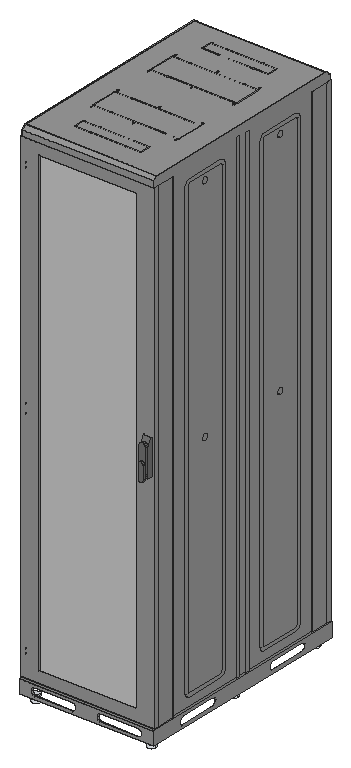
Revit family "600х1000", category Обобщенные модели, Revit 2019 (continued)
Definition of nested family "Дверь двустворчатая"
  Dimensions and locks
    aligned and locked: plane 29 to Extrusion 1 sketch curve
    aligned and locked: plane 31 to Extrusion 1 sketch curve  (x2)
    aligned and locked: Extrusion 3 to Extrusion 1 sketch curve
    aligned and locked: plane 28 to Extrusion 1 sketch curve
    aligned and locked: plane 30 to Extrusion 3 sketch curve
    aligned and locked: plane 31 to Extrusion 3 sketch curve  (x2)
    aligned and locked: plane 29 to Extrusion 3 sketch curve
    aligned and locked: plane 28 to nested 1
    aligned and locked: plane 21 to Extrusion 1 sketch curve  (x6)
  Automatic sketch dimensions
    Extrusion 3 sketch curve to plane 28 = 0 mm
    Extrusion 3 sketch curve to plane 30 = 23 mm
    plane 29 to Extrusion 3 sketch curve = 23 mm
    Extrusion 1 sketch curve to plane 27 = 0 mm
    Extrusion 1 sketch curve to plane 25 = 0 mm
    Extrusion 1 sketch curve to plane 26 = 0 mm
    Extrusion 1 sketch curve to plane 30 = 23 mm
    plane 29 to Extrusion 1 sketch curve = 23 mm
    Extrusion 2 sketch curve to plane 18 = 0 mm
    Extrusion 2 sketch curve to plane 19 = 0 mm
    radius of Extrusion 1 sketch curve = 2.474 mm  (x12)
  Nested families
    nested 1: "Ручка" at (52, -20, 240), Материал Общий <- "Материал ручки", type "Ручка"
      with Материал Общий none
  Definition of nested family "Ручка"
    Parameters (values of type "Ручка")
      Материал Общий [instance] = none
    Reference planes
      plane 1 "ТТТТ": y = 0
      plane 2: z = 0
      plane 3 "По центру (Влево/Вправо)": x = 0
      plane 4: y = -20
      plane 5: y = -30
      plane 6: y = -38
      plane 7: z = 300
      plane 8: z = 660
    Forms (mm)
      Blend 1, solid, material <- "Материал Общий"
        base sketch origin (0, 0, 0) x (1, 0, 0) y (0, 0, 1)
          loop
            line (-17, 740) -> (-17, 580) -> (17, 580) -> (17, 740) -> (-17, 740)
        top sketch origin (0, 0, 0) x (1, 0, 0) y (0, 0, 1)
          loop
            line (-17, 580) -> (17, 580) -> (17, 712) -> (-17, 712) -> (-17, 580)
        from 0 to 20
      Extrusion 2, solid, material <- "Материал Общий"
        sketch origin (0, 0, 0) x (1, 0, 0) y (0, 0, 1)
          loop
            arc (0, 725) -> (-10.607, 720.607) -> (-15, 710) r 15
            line (-15, 710) -> (-15, 600)
            arc (-15, 600) -> (-10.607, 589.393) -> (0, 585) r 15
            arc (0, 585) -> (10.607, 589.393) -> (15, 600) r 15
            line (15, 600) -> (15, 710)
            arc (15, 710) -> (10.607, 720.607) -> (0, 725) r 15
        from 20 to 30
      Extrusion 3, solid, material <- "Материал Общий"
        sketch origin (0, 0, 0) x (1, 0, 0) y (0, 0, 1)
          loop
            line (-12, 638) -> (-12, 582)
            arc (-12, 582) -> (-8.485, 573.515) -> (0, 570) r 12
            arc (0, 570) -> (8.485, 573.515) -> (12, 582) r 12
            line (12, 582) -> (12, 638)
            arc (12, 638) -> (8.485, 646.485) -> (0, 650) r 12
            arc (0, 650) -> (-8.485, 646.485) -> (-12, 638) r 12
        from 30 to 38
    Cuts and joins
      joined: Blend 1, Extrusion 2, Extrusion 3
    Lines and regions (mm)
      model lines
        curve 1: line (-17, 0, 660) -> (17, 0, 660)
        curve 2: line (0, 0, 740) -> (0, 0, 580)
    Dimensions and locks
      locked: plane 4 to plane 1 "ТТТТ" at 20
      locked: plane 5 to plane 4 at 10
      locked: plane 6 to plane 5 at 8
      locked: plane 7 to plane 2 at 300
      aligned and locked: level to plane 2
      aligned and locked: plane 4 to Blend 1
      aligned and locked: Blend 1 to plane 1 "ТТТТ"
      aligned and locked: Extrusion 2 to plane 4
      aligned and locked: plane 5 to Extrusion 2
      aligned and locked: Extrusion 3 to plane 5
      aligned and locked: plane 6 to Extrusion 3
Definition of nested family "ЭУ_ДВЕРЬ"
  Parameters (values of type "ЭУ_ДВЕРЬ")
    Глубина_Р [instance] = ADSK_Размер_Ширина / 5  # 160 mm
    ADSK_Размер_Ширина [instance] = 800 mm
    ADSK_Размер_Высота [instance] = 972 mm
  Reference planes
    plane 1 "По центру (Вперед/Назад)": y = 0
    plane 2: z = 0
    plane 3 "По центру (Влево/Вправо)": x = 0
    plane 4: x = 400
    plane 5: x = -400
    plane 6: y = -486
    plane 7: y = 486
    plane 8: y = 446
    plane 9: y = -426
    plane 10: x = 300
    plane 11: x = -300
    plane 12: y = 366
    plane 13: y = -346
    plane 14: x = 350
    plane 15: y = -441
    plane 16: y = -471
    plane 17: x = -140
    plane 18: x = 140
  Lines and regions (mm)
    detail lines, in view "Опорный уровень"
      curve 1: line (-400, 486, 0) -> (400, 486, 0)
      curve 2: line (-400, -486, 0) -> (-400, 486, 0)
      curve 3: line (400, -486, 0) -> (-400, -486, 0)
      curve 4: line (400, 486, 0) -> (400, -486, 0)
      curve 5: line (-400, -426, 0) -> (400, -426, 0)
      curve 6: line (400, 446, 0) -> (-400, 446, 0)
      curve 7: line (-300, 366, 0) -> (300, 366, 0)
      curve 8: line (-300, -346, 0) -> (-300, 366, 0)
      curve 9: line (300, -346, 0) -> (-300, -346, 0)
      curve 10: line (300, 366, 0) -> (300, -346, 0)
      curve 11: circle (350, 0, 0) r 30 normal (0, 0, 1)
      curve 12: line (-300, -441, 0) -> (-140, -441, 0)
      curve 13: line (-140, -471, 0) -> (-300, -471, 0)
      curve 14: line (140, -441, 0) -> (300, -441, 0)
      curve 15: line (300, -471, 0) -> (140, -471, 0)
      curve 16: arc (-300, -441, 0) -> (-315, -456, 0) -> (-300, -471, 0) r 15
      curve 17: arc (-140, -441, 0) -> (-125, -456, 0) -> (-140, -471, 0) r 15
      curve 18: arc (140, -441, 0) -> (125, -456, 0) -> (140, -471, 0) r 15
      curve 19: arc (300, -441, 0) -> (315, -456, 0) -> (300, -471, 0) r 15
  Dimensions and locks
    equal spacing: plane 6, plane 1 "По центру (Вперед/Назад)", plane 7
    "ADSK_Размер_Высота": plane 7 to plane 6
    equal spacing: plane 5, plane 3 "По центру (Влево/Вправо)", plane 4
    "ADSK_Размер_Ширина": plane 5 to plane 4
    locked: plane 6 to plane 9 at 60
    locked: plane 7 to plane 8 at 40
    locked: plane 8 to plane 12 at 80
    locked: plane 9 to plane 13 at 80
    locked: plane 5 to plane 11 at 100
    locked: plane 10 to plane 4 at 100
    equal spacing: plane 10, plane 14, plane 4
    locked: plane 15 to plane 9 at 15
    locked: plane 6 to plane 16 at 15
    "Глубина_Р": plane 11 to plane 17
    "Глубина_Р": plane 18 to plane 10
    aligned and locked: curve 1 to plane 7
    aligned and locked: plane 5 to curve 2
    aligned and locked: curve 3 to plane 6
    aligned and locked: curve 4 to plane 4
    aligned and locked: plane 8 to curve 6
    aligned and locked: plane 9 to curve 5
    aligned and locked: curve 7 to plane 12
    aligned and locked: plane 11 to curve 8
    aligned and locked: curve 9 to plane 13
    aligned and locked: curve 10 to plane 10
    aligned and locked: plane 15 to curve 12
    aligned and locked: plane 15 to curve 14
    aligned and locked: curve 15 to plane 16
    aligned and locked: curve 13 to plane 16
  Automatic sketch dimensions
    curve 13 to plane 11 = 0 mm
    curve 17 to plane 17 = 0 mm
    curve 18 to plane 18 = 0 mm
    curve 14 to plane 10 = 0 mm
    plane 1 "По центру (Вперед/Назад)" to curve 11 = 0 mm
    curve 11 to plane 14 = 0 mm
    radius of curve 11 = 30 mm
Definition of nested family "ЭУ_БОК"
  Parameters (values of type "ЭУ_БОК")
    Глубина_Р [instance] = ADSK_Размер_Глубина / 6  # 166.667 mm
    ADSK_Размер_Глубина [instance] = 1000 mm
    ADSK_Размер_Высота [instance] = 1500 mm
  Reference planes
    plane 1 "По центру (Вперед/Назад)": y = 0
    plane 2: z = 0
    plane 3 "По центру (Влево/Вправо)": x = 0
    plane 4: x = 500
    plane 5: x = -500
    plane 6: y = -750
    plane 7: y = 750
    plane 8: y = 710
    plane 9: y = -690
    plane 10: x = 450
    plane 11: x = 395
    plane 12: y = 640
    plane 13: y = -620
    plane 14: y = 580
    plane 15: y = -560
    plane 16 "По центру (В/О": y = -20
    plane 17 "По центру (В/П": y = 0
    plane 18 "По центру (В/Р": y = 20
    plane 19: x = 475
    plane 20: y = -704
    plane 21: y = -736
    plane 22: x = -228.333
    plane 23: x = 228.333
    plane 24: x = 420
    plane 25: x = -450
    plane 26: x = -395
    plane 27: x = -475
    plane 28: x = -420
  Lines and regions (mm)
    detail lines, in view "Опорный уровень"
      curve 1: line (-500, 750, 0) -> (500, 750, 0)
      curve 2: line (500, 750, 0) -> (500, -750, 0)
      curve 3: line (500, -750, 0) -> (-500, -750, 0)
      curve 4: line (-500, -750, 0) -> (-500, 750, 0)
      curve 5: line (-500, -690, 0) -> (500, -690, 0)
      curve 6: line (-395, 710, 0) -> (-395, -690, 0)
      curve 7: line (395, 710, 0) -> (395, -690, 0)
      curve 8: line (500, 710, 0) -> (-500, 710, 0)
      curve 9: line (475, -690, 0) -> (475, 710, 0)
      curve 10: line (-228.333, -736, 0) -> (-420, -736, 0)
      curve 11: line (-420, -704, 0) -> (-228.333, -704, 0)
      curve 12: arc (-420, -736, 0) -> (-436, -720, 0) -> (-420, -704, 0) r 16
      curve 13: arc (-228.333, -704, 0) -> (-212.333, -720, 0) -> (-228.333, -736, 0) r 16
      curve 14: line (228.333, -704, 0) -> (395, -704, 0)
      curve 15: line (395, -736, 0) -> (228.333, -736, 0)
      curve 16: arc (228.333, -704, 0) -> (212.333, -720, 0) -> (228.333, -736, 0) r 16
      curve 17: arc (395, -704, 0) -> (411, -720, 0) -> (395, -736, 0) r 16
      curve 18: line (-475, -690, 0) -> (-475, 710, 0)
  Dimensions and locks
    equal spacing: plane 6, plane 1 "По центру (Вперед/Назад)", plane 7
    "ADSK_Размер_Высота": plane 7 to plane 6
    equal spacing: plane 5, plane 3 "По центру (Влево/Вправо)", plane 4
    "ADSK_Размер_Глубина": plane 5 to plane 4
    locked: plane 7 to plane 8 at 40
    locked: plane 6 to plane 9 at 60
    locked: plane 10 to plane 4 at 50
    locked: plane 11 to plane 10 at 55
    locked: plane 9 to plane 13 at 70
    locked: plane 8 to plane 12 at 70
    locked: plane 12 to plane 14 at 60
    locked: plane 13 to plane 15 at 60
    plane 18 "По центру (В/Р" to plane 17 "По центру (В/П" to plane 16 "По центру (В/О" = 20 mm locked, 20 mm locked
    locked: plane 19 to plane 4 at 25
    locked: plane 24 to plane 4 at 80
    "Глубина_Р": plane 23 to plane 11
    locked: plane 20 to plane 9 at 14
    locked: plane 6 to plane 21 at 14
    locked: plane 26 to plane 25 at 55
    locked: plane 5 to plane 25 at 50
    "Глубина_Р": plane 26 to plane 22
    locked: plane 5 to plane 27 at 25
    locked: plane 5 to plane 28 at 80
    aligned and locked: plane 5 to curve 4
    aligned and locked: curve 3 to plane 6
    aligned and locked: curve 2 to plane 4
    aligned and locked: curve 1 to plane 7
    aligned and locked: plane 9 to curve 5
    aligned and locked: curve 7 to plane 11
    aligned and locked: plane 8 to curve 8
    aligned and locked: plane 19 to curve 9
    aligned and locked: plane 20 to curve 11
    aligned and locked: curve 10 to plane 21
    aligned and locked: plane 20 to curve 14
    aligned and locked: curve 15 to plane 21
    aligned and locked: plane 26 to curve 6
    aligned and locked: curve 18 to plane 27
  Automatic sketch dimensions
    curve 12 to plane 28 = 0 mm
    curve 13 to plane 22 = 0 mm
    curve 16 to plane 23 = 0 mm
    curve 17 to plane 11 = 0 mm
Definition of nested family "ЭУ_ВВЕРХ"
  Parameters (values of type "ЭУ_ВВЕРХ")
    ADSK_Размер_Ширина [instance] = 600 mm
    ADSK_Размер_Глубина [instance] = 800 mm
  Reference planes
    plane 1 "По центру (Вперед/Назад)": y = 0
    plane 2: z = 0
    plane 3 "По центру (Влево/Вправо)": x = 0
    plane 4: x = 300
    plane 5: x = -300
    plane 6: y = -400
    plane 7: y = 400
    plane 8: y = 350
    plane 9: y = -350
    plane 10: x = -250
    plane 11: x = 250
    plane 12: x = 210
    plane 13: x = -210
    plane 14: y = 280
    plane 15: y = -280
    plane 16: y = 220
    plane 17: y = -220
    plane 18 "По центру (В/О": y = -100
    plane 19 "По центру (В/П": y = 0
    plane 20 "По центру (В/Р": y = 100
  Lines and regions (mm)
    detail lines, in view "Опорный уровень"
      curve 1: line (-300, 400, 0) -> (300, 400, 0)
      curve 2: line (300, 400, 0) -> (300, -400, 0)
      curve 3: line (300, -400, 0) -> (-300, -400, 0)
      curve 4: line (-300, -400, 0) -> (-300, 400, 0)
      curve 5: line (-210, 350, 0) -> (210, 350, 0)
      curve 6: line (-210, 280, 0) -> (-210, 350, 0)
      curve 7: line (210, 280, 0) -> (-210, 280, 0)
      curve 8: line (210, 350, 0) -> (210, 280, 0)
      curve 9: line (-210, -280, 0) -> (210, -280, 0)
      curve 10: line (-210, -350, 0) -> (-210, -280, 0)
      curve 11: line (210, -350, 0) -> (-210, -350, 0)
      curve 12: line (210, -280, 0) -> (210, -350, 0)
      curve 13: line (-250, -100, 0) -> (250, -100, 0)
      curve 14: line (-250, -220, 0) -> (-250, -100, 0)
      curve 15: line (250, -220, 0) -> (-250, -220, 0)
      curve 16: line (250, -100, 0) -> (250, -220, 0)
      curve 17: line (-250, 220, 0) -> (250, 220, 0)
      curve 18: line (-250, 100, 0) -> (-250, 220, 0)
      curve 19: line (250, 100, 0) -> (-250, 100, 0)
      curve 20: line (250, 220, 0) -> (250, 100, 0)
  Dimensions and locks
    equal spacing: plane 6, plane 1 "По центру (Вперед/Назад)", plane 7
    "ADSK_Размер_Глубина": plane 7 to plane 6
    equal spacing: plane 5, plane 3 "По центру (Влево/Вправо)", plane 4
    "ADSK_Размер_Ширина": plane 5 to plane 4
    locked: plane 7 to plane 8 at 50
    locked: plane 6 to plane 9 at 50
    locked: plane 5 to plane 10 at 50
    locked: plane 11 to plane 4 at 50
    locked: plane 10 to plane 13 at 40
    locked: plane 12 to plane 11 at 40
    locked: plane 9 to plane 15 at 70
    locked: plane 8 to plane 14 at 70
    locked: plane 14 to plane 16 at 60
    locked: plane 15 to plane 17 at 60
    plane 20 "По центру (В/Р" to plane 19 "По центру (В/П" to plane 18 "По центру (В/О" = 100 mm locked, 100 mm locked
    aligned and locked: plane 5 to curve 4
    aligned and locked: curve 3 to plane 6
    aligned and locked: curve 2 to plane 4
    aligned and locked: curve 1 to plane 7
    aligned and locked: curve 5 to plane 8
    aligned and locked: plane 13 to curve 6
    aligned and locked: plane 14 to curve 7
    aligned and locked: curve 8 to plane 12
    aligned and locked: plane 15 to curve 9
    aligned and locked: plane 13 to curve 10
    aligned and locked: curve 11 to plane 9
    aligned and locked: curve 12 to plane 12
    aligned and locked: plane 18 "По центру (В/О" to curve 13
    aligned and locked: plane 10 to curve 14
    aligned and locked: curve 15 to plane 17
    aligned and locked: curve 16 to plane 11
    aligned and locked: curve 17 to plane 16
    aligned and locked: plane 20 "По центру (В/Р" to curve 19
    aligned and locked: plane 10 to curve 18
    aligned and locked: curve 20 to plane 11
Types (12, lengths in mm): name | Описание | Не двустворчатая дверь | Материал крепежей | Материал колес и ручек | Материал каркаса | Двустворчатая дверь | Высота окна | ADSK_Размер_Высота | ADSK_Наименование краткое | ADSK_Наименование | ADSK_Масса_Текст | ADSK_Марка | ADSK_Код изделия | ADSK_URL страницы изделия
  ШТ-НП-С-33U-600-1000-ПП-Ч | "Шкаф телекоммуникационный напольный серверный черный 19&quot;.33U(600x1000) . ШТ-НП-С-33U-600-1000-ПП-Ч передняя.задняя двери перфорированные ССД" | yes | Металл черный | Металл белый | Металл черный | no | 1558 | 1667 | "ШТ-НП-С-33U-600-1000-ПП-Ч" | "Шкаф телекоммуникационный напольный серверный черный 19&quot;.33U(600x1000) . ШТ-НП-С-33U-600-1000-ПП-Ч передняя.задняя двери перфорированные ССД" | "91.0" | "ШТ-НП-С-33U-600-1000-ПП-Ч" | "130411-01422" | "https://www.ssd.ru/shkaf-telekommunikatsionnyy-napolnyy-servernyy-chernyy-19-quot-33u-600x1000-sht-np-s-33u-600-1000-pp"
  ШТ-НП-С-33U-600-1000-П2П-Ч | "Шкаф телекоммуникационный напольный серверный черный 19&quot;.33U(600x1000) . ШТ-НП-С-33U-600-1000-П2П-Ч передняя перфорированная.задняя перф.двойная ССД" | no | Металл черный | Металл белый | Металл черный | yes | 1958 | 2067 | "ШТ-НП-С-33U-600-1000-П2П-Ч" | "Шкаф телекоммуникационный напольный серверный черный 19&quot;.33U(600x1000) . ШТ-НП-С-33U-600-1000-П2П-Ч передняя перфорированная.задняя перф.двойная ССД" | "91.0" | "ШТ-НП-С-33U-600-1000-П2П-Ч" | "130411-01423" | "https://www.ssd.ru/shkaf-telekommunikatsionnyy-napolnyy-servernyy-chernyy-19-quot-33u-600x1000-sht-np-s-33u-600-1000-p2"
  ШТ-НП-С-42U-600-1000-ПП-Ч | "Шкаф телекоммуникационный напольный серверный черный 19&quot;.42U(600x1000) . ШТ-НП-С-42U-600-1000-ПП-Ч передняя.задняя двери перфорированные ССД" | yes | Металл черный | Металл белый | Металл черный | no | 1958 | 2067 | "ШТ-НП-С-42U-600-1000-ПП-Ч" | "Шкаф телекоммуникационный напольный серверный черный 19&quot;.42U(600x1000) . ШТ-НП-С-42U-600-1000-ПП-Ч передняя.задняя двери перфорированные ССД" | "92.0" | "ШТ-НП-С-42U-600-1000-ПП-Ч" | "130411-01424" | "https://www.ssd.ru/shkaf-telekommunikatsionnyy-napolnyy-servernyy-chernyy-19-quot-42u-600x1000-sht-np-s-42u-600-1000-pp"
  ШТ-НП-С-42U-600-1000-П2П-Ч | "Шкаф телекоммуникационный напольный серверный 19&quot;.42U(600x1000) . ШТ-НП-С-42U-600-1000-П2П-Ч передняя дверь перфорипрованная.задняя перф.двойная черн." | no | Металл черный | Металл белый | Металл черный | yes | 1958 | 2067 | "ШТ-НП-С-42U-600-1000-П2П-Ч" | "Шкаф телекоммуникационный напольный серверный 19&quot;.42U(600x1000) . ШТ-НП-С-42U-600-1000-П2П-Ч передняя дверь перфорипрованная.задняя перф.двойная черн." | "92.0" | "ШТ-НП-С-42U-600-1000-П2П-Ч" | "130411-01263" | "https://www.ssd.ru/shkaf-telekommunikatsionnyy-napolnyy-servernyy-19-quot-42u-600x1000-sht-np-s-42u-600-1000-p2p-ch-per"
  ШТ-НП-С-47U-600-1000-ПП-Ч | "Шкаф телекоммуникационный напольный серверный черный 19&quot;.47U(600x1000) . ШТ-НП-С-47U-600-1000-ПП-Ч передняя.задняя двери перфорированные ССД" | yes | Металл черный | Металл белый | Металл черный | no | 2180 | 2289 | "ШТ-НП-С-47U-600-1000-ПП-Ч" | "Шкаф телекоммуникационный напольный серверный черный 19&quot;.47U(600x1000) . ШТ-НП-С-47U-600-1000-ПП-Ч передняя.задняя двери перфорированные ССД" | "110.0" | "ШТ-НП-С-47U-600-1000-ПП-Ч" | "130411-01425" | "https://www.ssd.ru/shkaf-telekommunikatsionnyy-napolnyy-servernyy-chernyy-19-quot-47u-600x1000-sht-np-s-47u-600-1000-pp"
  ШТ-НП-С-47U-600-1000-П2П-Ч | "Шкаф телекоммуникационный напольный серверны черный 19&quot;.47U(600x1000) . ШТ-НП-С-47U-600-1000-П2П-Ч передняя перфорипрованная.задняя перф.двойная ССД" | no | Металл | Металл черный | Металл | yes | 2180 | 2289 | "ШТ-НП-С-47U-600-1000-П2П-Ч" | "Шкаф телекоммуникационный напольный серверны черный 19&quot;.47U(600x1000) . ШТ-НП-С-47U-600-1000-П2П-Ч передняя перфорипрованная.задняя перф.двойная ССД" | "110.0" | "ШТ-НП-С-47U-600-1000-П2П-Ч" | "130411-01426" | "https://www.ssd.ru/shkaf-telekommunikatsionnyy-napolnyy-serverny-chernyy-19-quot-47u-600x1000-sht-np-s-47u-600-1000-p2p"
  ШТ-НП-С-33U-600-1000-ПП | "Шкаф телекоммуникационный напольный серверный 19&quot;.33U(600x1000) . ШТ-НП-С-33U-600-1000-ПП передняя.задняя двери перфорированные ССД" | yes | Металл | Металл черный | Металл | no | 1558 | 1667 | "ШТ-НП-С-33U-600-1000-ПП" | "Шкаф телекоммуникационный напольный серверный 19&quot;.33U(600x1000) . ШТ-НП-С-33U-600-1000-ПП передняя.задняя двери перфорированные ССД" | "91.0" | "ШТ-НП-С-33U-600-1000-ПП" | "130411-00921" | "https://www.ssd.ru/shkaf-telekommunikatsionnyy-napolnyy-servernyy-19-quot-33u-600x1000-sht-np-s-33u-600-1000-pp-perednya"
  ШТ-НП-С-33U-600-1000-П2П | "Шкаф телекоммуникационный напольный серверный 19&quot;.33U(600x1000) . ШТ-НП-С-33U-600-1000-П2П передняя дверь перфорированная.задняя перф.двойная. ССД" | no | Металл | Металл черный | Металл | yes | 1558 | 1667 | "ШТ-НП-С-33U-600-1000-П2П" | "Шкаф телекоммуникационный напольный серверный 19&quot;.33U(600x1000) . ШТ-НП-С-33U-600-1000-П2П передняя дверь перфорированная.задняя перф.двойная. ССД" | "91.0" | "ШТ-НП-С-33U-600-1000-П2П" | "130411-00922" | "https://www.ssd.ru/shkaf-telekommunikatsionnyy-napolnyy-servernyy-19-quot-33u-600x1000-sht-np-s-33u-600-1000-p2p-peredn"
  ШТ-НП-С-42U-600-1000-ПП | "Шкаф телекоммуникационный напольный серверный 19&quot;.42U(600x1000) . ШТ-НП-С-42U-600-1000-ПП передняя.задняя двери перфорированные ССД" | yes | Металл черный | Металл белый | Металл черный | no | 1958 | 2067 | "ШТ-НП-С-42U-600-1000-ПП" | "Шкаф телекоммуникационный напольный серверный 19&quot;.42U(600x1000) . ШТ-НП-С-42U-600-1000-ПП передняя.задняя двери перфорированные ССД" | "92.0" | "ШТ-НП-С-42U-600-1000-ПП" | "130411-00923" | "https://www.ssd.ru/shkaf-telekommunikatsionnyy-napolnyy-servernyy-19-quot-42u-600x1000-sht-np-s-42u-600-1000-pp-perednya"
  ШТ-НП-С-42U-600-1000-П2П | "Шкаф телекоммуникационный напольный серверный 19&quot;.42U(600x1000) . ШТ-НП-С-42U-600-1000-П2П передняя дверь перфорипрованная.задняя перф.двойная. ССД" | no | Металл | Металл черный | Металл | yes | 1958 | 2067 | "ШТ-НП-С-42U-600-1000-П2П" | "Шкаф телекоммуникационный напольный серверный 19&quot;.42U(600x1000) . ШТ-НП-С-42U-600-1000-П2П передняя дверь перфорипрованная.задняя перф.двойная. ССД" | "92.0" | "ШТ-НП-С-42U-600-1000-П2П" | "130411-00924" | "https://www.ssd.ru/shkaf-telekommunikatsionnyy-napolnyy-servernyy-19-quot-42u-600x1000-sht-np-s-42u-600-1000-p2p-peredn"
  ШТ-НП-С-47U-600-1000-ПП | "Шкаф телекоммуникационный напольный серверный 19&quot;.47U(600x1000) . ШТ-НП-С-47U-600-1000-ПП передняя.задняя двери перфорированные ССД" | yes | Металл | Металл черный | Металл | no | 2180 | 2289 | "ШТ-НП-С-47U-600-1000-ПП" | "Шкаф телекоммуникационный напольный серверный 19&quot;.47U(600x1000) . ШТ-НП-С-47U-600-1000-ПП передняя.задняя двери перфорированные ССД" | "110.0" | "ШТ-НП-С-47U-600-1000-ПП" | "130411-00925" | "https://www.ssd.ru/shkaf-telekommunikatsionnyy-napolnyy-servernyy-19-quot-47u-600x1000-sht-np-s-47u-600-1000-pp-perednya"
  ШТ-НП-С-47U-600-1000-П2П | "Шкаф телекоммуникационный напольный серверный 19&quot;.47U(600x1000) . ШТ-НП-С-47U-600-1000-П2П передняя дверь перфорипрованная.задняя перф.двойная. ССД" | no | Металл | Металл черный | Металл | yes | 2180 | 2289 | "ШТ-НП-С-47U-600-1000-П2П" | "Шкаф телекоммуникационный напольный серверный 19&quot;.47U(600x1000) . ШТ-НП-С-47U-600-1000-П2П передняя дверь перфорипрованная.задняя перф.двойная. ССД" | "110.0" | "ШТ-НП-С-47U-600-1000-П2П" | "130411-00926" | "https://www.ssd.ru/shkaf-telekommunikatsionnyy-napolnyy-servernyy-19-quot-47u-600x1000-sht-np-s-47u-600-1000-p2p-peredn"
